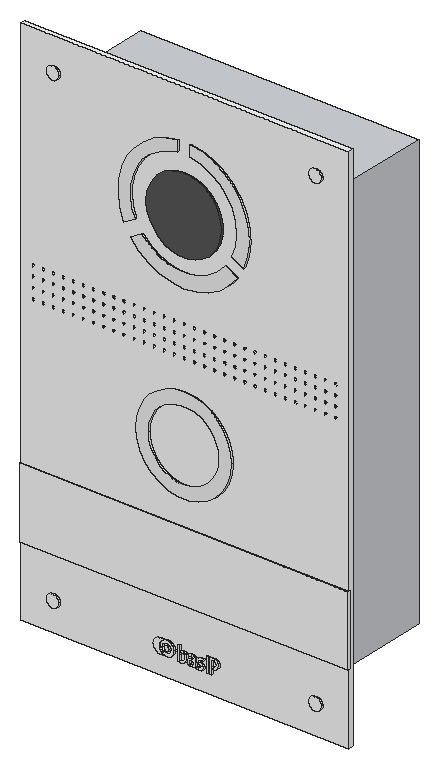
Revit family "BAS-IP_Вызывная панель_AV-08FBL", category Устройства связи, Revit 2019
Family settings
  Сохранять ориентацию аннотаций = Нет
  Размер круглого соединителя = Использовать диаметр
  Тип детали = Нормальный
  На основе рабочей плоскости = Нет
  Всегда вертикально = Да
  При загрузке вырезать с полостями = Нет
  Общий = Нет
  Точка расчета площади = Нет
Parameters (values of type "Серебристый")
  Цветовое решение = "Серебристый"
  Цвет считывателя = Gray silver
  Угол обзора камеры = "120° (по горизонтали)"
  УГО_Смещение_Y [instance] = 0 mm
  УГО_Смещение_X [instance] = 0 mm
  Тип установки = "Скрытого монтажа, накладной с BR-AV8FBL"
  Тип панели = "Индивидуальная"
  Кнопка вызова = "Пьезоэлектрическая"
  Температурный режим = "-40 – +65 °С"
  Разрешение = "2 Мп"
  Размер самой панели = "130 × 212 × 47 мм"
  Размер под установку = "114 х 196 х 59 мм"
  Потребление питания = "6,5 Вт, в режиме ожидания - 3,8 Вт"
  Питание = "IEEE 803.2af PoE, +12 В постоянного тока"
  Ночная подсветка = "6 светодиодов"
  Минимальная освещенность = "0,01 Люкс"
  Корпус = "Алюминий"
  Класс степени защиты = "IP65"
  Камера = "1/3”"
  Изготовитель = "BAS-IP"  # constant formula
  Зона обслуживания [instance] = no
  Дисплей = "Нет"
  Выходное видео = "Full HD (1920 × 1080), H.264 Main Profile"
  IK-код = "IK07"
  ADSK_Размер_Смещение от уровня [instance] = 1000 mm
  ADSK_Примечание [instance] = ""
  ADSK_Позиция [instance] = ""
  ADSK_Наименование = "Индивидуальная вызывная панель с функцией распознавания лиц"
  ADSK_Материал = Silver
  ADSK_Марка = "AV-08FBL Silver"
  ADSK_Количество = 1  # constant formula
  ADSK_Код изделия = ""
  ADSK_Завод-изготовитель = "BAS-IP"  # constant formula
  ADSK_Единица измерения = "шт."  # constant formula
Types (2, lengths in mm): name | Цветовое решение | Цвет считывателя | ADSK_Материал | ADSK_Марка
  Серебристый | "Серебристый" | Gray silver | Silver | "AV-08FBL Silver"
  Черный | "Черный" | Black | Black silver | "AV-08FBL Black"
Reference planes
  plane 1 "По центру (Вперед/Назад)": y = 0
  plane 2: z = 0
  plane 3 "По центру (Влево/Вправо)": x = 0
  plane 4: through (0, -1524, 1166.73) normal (0.5, 0, -0.866)
  plane 5: through (0, -1524, 1166.73) normal (0.5, 0, 0.866)
  plane 6: through (0, -1524, 166.73) normal (0.5, 0, -0.866)
  plane 7: through (0, -1524, 166.73) normal (0.5, 0, 0.866)
  plane 8: z = 1000
  plane 9: z = 0
  plane 10: y = 0
  plane 11: x = 0
Forms (mm)
  Extrusion 1, solid, material "Silver" <- "ADSK_Материал", detail levels medium+fine
    sketch origin (0, 0, 1000) x (1, 0, 0) y (0, 0, 1)
      loop
        line (-65, 0) -> (65, 0) -> (65, 212) -> (-65, 212) -> (-65, 0)
    from 0 to 2
  Extrusion 2, solid, detail levels medium+fine
    sketch origin (0, 0, 1000) x (1, 0, 0) y (0, 0, 1)
      loop
        line (-55, 192) -> (-55, 20) -> (55, 20) -> (55, 192) -> (-55, 192)
    from -45 to 0
  Extrusion 3, void
    sketch origin (0, 0, 1017.187) x (1, 0, 0) y (0, 0, 1)
      loop
        circle (0, 110.476) r 0.5
      loop
        circle (-4, 110.476) r 0.5
      loop
        circle (-8, 110.476) r 0.5
      loop
        circle (4, 110.476) r 0.5
      loop
        circle (8, 110.476) r 0.5
      loop
        circle (12, 110.476) r 0.5
      loop
        circle (0, 106.476) r 0.5
      loop
        circle (-4, 106.476) r 0.5
      loop
        circle (-8, 106.476) r 0.5
      loop
        circle (4, 106.476) r 0.5
      loop
        circle (8, 106.476) r 0.5
      loop
        circle (12, 106.476) r 0.5
      loop
        circle (0, 102.476) r 0.5
      loop
        circle (-4, 102.476) r 0.5
      loop
        circle (-8, 102.476) r 0.5
      loop
        circle (4, 102.476) r 0.5
      loop
        circle (8, 102.476) r 0.5
      loop
        circle (12, 102.476) r 0.5
      loop
        circle (-12, 110.476) r 0.5
      loop
        circle (-12, 106.476) r 0.5
      loop
        circle (-12, 102.476) r 0.5
      loop
        circle (0, 98.476) r 0.5
      loop
        circle (-4, 98.476) r 0.5
      loop
        circle (-8, 98.476) r 0.5
      loop
        circle (4, 98.476) r 0.5
      loop
        circle (8, 98.476) r 0.5
      loop
        circle (12, 98.476) r 0.5
      loop
        circle (-12, 98.476) r 0.5
    from 0 to 2
  Extrusion 4, void
    sketch origin (-23.971, 0, 1017.187) x (1, 0, 0) y (0, 0, 1)
      loop
        circle (-4, 110.476) r 0.5
      loop
        circle (-8, 110.476) r 0.5
      loop
        circle (-12, 110.476) r 0.5
      loop
        circle (0, 110.476) r 0.5
      loop
        circle (4, 110.476) r 0.5
      loop
        circle (8, 110.476) r 0.5
      loop
        circle (-4, 106.476) r 0.5
      loop
        circle (-8, 106.476) r 0.5
      loop
        circle (-12, 106.476) r 0.5
      loop
        circle (0, 106.476) r 0.5
      loop
        circle (4, 106.476) r 0.5
      loop
        circle (8, 106.476) r 0.5
      loop
        circle (-4, 102.476) r 0.5
      loop
        circle (-8, 102.476) r 0.5
      loop
        circle (-12, 102.476) r 0.5
      loop
        circle (0, 102.476) r 0.5
      loop
        circle (4, 102.476) r 0.5
      loop
        circle (8, 102.476) r 0.5
      loop
        circle (-16, 110.476) r 0.5
      loop
        circle (-16, 106.476) r 0.5
      loop
        circle (-16, 102.476) r 0.5
      loop
        circle (-20, 110.476) r 0.5
      loop
        circle (-20, 106.476) r 0.5
      loop
        circle (-20, 102.476) r 0.5
      loop
        circle (-24, 110.476) r 0.5
      loop
        circle (-24, 106.476) r 0.5
      loop
        circle (-24, 102.476) r 0.5
      loop
        circle (-28, 110.476) r 0.5
      loop
        circle (-28, 106.476) r 0.5
      loop
        circle (-28, 102.476) r 0.5
      loop
        circle (51.941, 110.476) r 0.5
      loop
        circle (55.941, 110.476) r 0.5
      loop
        circle (59.941, 110.476) r 0.5
      loop
        circle (47.941, 110.476) r 0.5
      loop
        circle (43.941, 110.476) r 0.5
      loop
        circle (39.941, 110.476) r 0.5
      loop
        circle (51.941, 106.476) r 0.5
      loop
        circle (55.941, 106.476) r 0.5
      loop
        circle (59.941, 106.476) r 0.5
      loop
        circle (47.941, 106.476) r 0.5
      loop
        circle (43.941, 106.476) r 0.5
      loop
        circle (39.941, 106.476) r 0.5
      loop
        circle (51.941, 102.476) r 0.5
      loop
        circle (55.941, 102.476) r 0.5
      loop
        circle (59.941, 102.476) r 0.5
      loop
        circle (47.941, 102.476) r 0.5
      loop
        circle (43.941, 102.476) r 0.5
      loop
        circle (39.941, 102.476) r 0.5
      loop
        circle (63.941, 110.476) r 0.5
      loop
        circle (63.941, 106.476) r 0.5
      loop
        circle (63.941, 102.476) r 0.5
      loop
        circle (67.941, 110.476) r 0.5
      loop
        circle (67.941, 106.476) r 0.5
      loop
        circle (67.941, 102.476) r 0.5
      loop
        circle (71.941, 110.476) r 0.5
      loop
        circle (71.941, 106.476) r 0.5
      loop
        circle (71.941, 102.476) r 0.5
      loop
        circle (75.941, 110.476) r 0.5
      loop
        circle (75.941, 106.476) r 0.5
      loop
        circle (75.941, 102.476) r 0.5
      loop
        circle (-4, 98.476) r 0.5
      loop
        circle (-8, 98.476) r 0.5
      loop
        circle (-12, 98.476) r 0.5
      loop
        circle (0, 98.476) r 0.5
      loop
        circle (4, 98.476) r 0.5
      loop
        circle (8, 98.476) r 0.5
      loop
        circle (-16, 98.476) r 0.5
      loop
        circle (-20, 98.476) r 0.5
      loop
        circle (-24, 98.476) r 0.5
      loop
        circle (-28, 98.476) r 0.5
      loop
        circle (51.941, 98.476) r 0.5
      loop
        circle (55.941, 98.476) r 0.5
      loop
        circle (59.941, 98.476) r 0.5
      loop
        circle (47.941, 98.476) r 0.5
      loop
        circle (43.941, 98.476) r 0.5
      loop
        circle (39.941, 98.476) r 0.5
      loop
        circle (63.941, 98.476) r 0.5
      loop
        circle (67.941, 98.476) r 0.5
      loop
        circle (71.941, 98.476) r 0.5
      loop
        circle (75.941, 98.476) r 0.5
      loop
        circle (-32, 110.476) r 0.5
      loop
        circle (-32, 106.476) r 0.5
      loop
        circle (-32, 102.476) r 0.5
      loop
        circle (-32, 98.476) r 0.5
      loop
        circle (-36, 110.476) r 0.5
      loop
        circle (-36, 106.476) r 0.5
      loop
        circle (-36, 102.476) r 0.5
      loop
        circle (-36, 98.476) r 0.5
      loop
        circle (79.941, 110.476) r 0.5
      loop
        circle (79.941, 106.476) r 0.5
      loop
        circle (79.941, 102.476) r 0.5
      loop
        circle (79.941, 98.476) r 0.5
      loop
        circle (83.941, 110.476) r 0.5
      loop
        circle (83.941, 106.476) r 0.5
      loop
        circle (83.941, 102.476) r 0.5
      loop
        circle (83.941, 98.476) r 0.5
    from 1 to 2
  Extrusion 5, solid, material "White", detail levels fine
    sketch origin (0, 0.5, 1040) x (1, 0, 0) y (0, 0, 1)
      loop
        circle (0, 45.001) r 19
      loop
        circle (-0.065, 44.951) r 14
    from 2 to 3
  Extrusion 6, solid, material "Gray silver", detail levels fine
    sketch origin (0, 0, 1000) x (1, 0, 0) y (0, 0, 1)
      loop
        circle (-52, 199) r 2.5
      loop
        circle (52, 199) r 2.5
      loop
        circle (-52, 11.524) r 2.5
      loop
        circle (52, 11.524) r 2.5
    from 0 to 2.5
  Extrusion 7, solid, material "Black", detail levels fine
    sketch origin (0, 0.5, 1031.729) x (1, 0, 0) y (0, 0, 1)
      loop
        circle (0, 135.001) r 15
    from 2 to 3
  Extrusion 8, solid, material "White", detail levels fine
    sketch origin (0, 0.5, 1031.729) x (1, 0, 0) y (0, 0, 1)
      loop
        arc (-2.5, 160.881) -> (-22.507, 148.018) -> (-23.679, 124.263) r 26
        line (-23.679, 124.263) -> (-19.206, 126.845)
        arc (-19.206, 126.845) -> (-18.411, 145.918) -> (-2.5, 156.467) r 21
        line (-2.5, 156.467) -> (-2.5, 160.881)
      loop
        line (21.162, 119.896) -> (16.405, 122.643)
        arc (16.405, 122.643) -> (-0.059, 114.602) -> (-16.569, 122.548) r 21
        line (-16.569, 122.548) -> (-21.162, 119.896)
        arc (-21.162, 119.896) -> (0, 109.001) -> (21.162, 119.896) r 26
      loop
        line (2.5, 160.881) -> (2.5, 156.438)
        arc (2.5, 156.438) -> (18.202, 145.866) -> (19.018, 126.954) r 21
        line (19.018, 126.954) -> (23.679, 124.263)
        arc (23.679, 124.263) -> (22.507, 148.018) -> (2.5, 160.881) r 26
    from 2 to 3
  Extrusion 9, solid, material "Gray silver" <- "Цвет считывателя", detail levels fine
    sketch origin (0, 0.5, 1000) x (1, 0, 0) y (0, 0, 1)
      loop
        line (-65, 55.859) -> (-65, 28.068) -> (65, 28.068) -> (65, 55.859) -> (-65, 55.859)
    from 2 to 3
  Extrusion 10, solid, material "Silver" <- "ADSK_Материал", not visible, detail levels medium+fine
    sketch origin (0, 0, 0) x (1, 0, 0) y (0, 0, 1)
      loop
        line (-65, 0) -> (65, 0) -> (65, 212) -> (-65, 212) -> (-65, 0)
    from 0 to 2
  Extrusion 11, solid, not visible, detail levels medium+fine
    sketch origin (0, 0, 0) x (1, 0, 0) y (0, 0, 1)
      loop
        line (-55, 192) -> (-55, 20) -> (55, 20) -> (55, 192) -> (-55, 192)
    from -45 to 0
  Extrusion 12, void, not visible
    sketch origin (0, 0, 17.188) x (1, 0, 0) y (0, 0, 1)
      loop
        circle (0, 110.476) r 0.5
      loop
        circle (-4, 110.476) r 0.5
      loop
        circle (-8, 110.476) r 0.5
      loop
        circle (4, 110.476) r 0.5
      loop
        circle (8, 110.476) r 0.5
      loop
        circle (12, 110.476) r 0.5
      loop
        circle (0, 106.476) r 0.5
      loop
        circle (-4, 106.476) r 0.5
      loop
        circle (-8, 106.476) r 0.5
      loop
        circle (4, 106.476) r 0.5
      loop
        circle (8, 106.476) r 0.5
      loop
        circle (12, 106.476) r 0.5
      loop
        circle (0, 102.476) r 0.5
      loop
        circle (-4, 102.476) r 0.5
      loop
        circle (-8, 102.476) r 0.5
      loop
        circle (4, 102.476) r 0.5
      loop
        circle (8, 102.476) r 0.5
      loop
        circle (12, 102.476) r 0.5
      loop
        circle (-12, 110.476) r 0.5
      loop
        circle (-12, 106.476) r 0.5
      loop
        circle (-12, 102.476) r 0.5
      loop
        circle (0, 98.476) r 0.5
      loop
        circle (-4, 98.476) r 0.5
      loop
        circle (-8, 98.476) r 0.5
      loop
        circle (4, 98.476) r 0.5
      loop
        circle (8, 98.476) r 0.5
      loop
        circle (12, 98.476) r 0.5
      loop
        circle (-12, 98.476) r 0.5
    from 0 to 2
  Extrusion 13, void, not visible
    sketch origin (-23.971, 0, 17.188) x (1, 0, 0) y (0, 0, 1)
      loop
        circle (-4, 110.476) r 0.5
      loop
        circle (-8, 110.476) r 0.5
      loop
        circle (-12, 110.476) r 0.5
      loop
        circle (0, 110.476) r 0.5
      loop
        circle (4, 110.476) r 0.5
      loop
        circle (8, 110.476) r 0.5
      loop
        circle (-4, 106.476) r 0.5
      loop
        circle (-8, 106.476) r 0.5
      loop
        circle (-12, 106.476) r 0.5
      loop
        circle (0, 106.476) r 0.5
      loop
        circle (4, 106.476) r 0.5
      loop
        circle (8, 106.476) r 0.5
      loop
        circle (-4, 102.476) r 0.5
      loop
        circle (-8, 102.476) r 0.5
      loop
        circle (-12, 102.476) r 0.5
      loop
        circle (0, 102.476) r 0.5
      loop
        circle (4, 102.476) r 0.5
      loop
        circle (8, 102.476) r 0.5
      loop
        circle (-16, 110.476) r 0.5
      loop
        circle (-16, 106.476) r 0.5
      loop
        circle (-16, 102.476) r 0.5
      loop
        circle (-20, 110.476) r 0.5
      loop
        circle (-20, 106.476) r 0.5
      loop
        circle (-20, 102.476) r 0.5
      loop
        circle (-24, 110.476) r 0.5
      loop
        circle (-24, 106.476) r 0.5
      loop
        circle (-24, 102.476) r 0.5
      loop
        circle (-28, 110.476) r 0.5
      loop
        circle (-28, 106.476) r 0.5
      loop
        circle (-28, 102.476) r 0.5
      loop
        circle (51.941, 110.476) r 0.5
      loop
        circle (55.941, 110.476) r 0.5
      loop
        circle (59.941, 110.476) r 0.5
      loop
        circle (47.941, 110.476) r 0.5
      loop
        circle (43.941, 110.476) r 0.5
      loop
        circle (39.941, 110.476) r 0.5
      loop
        circle (51.941, 106.476) r 0.5
      loop
        circle (55.941, 106.476) r 0.5
      loop
        circle (59.941, 106.476) r 0.5
      loop
        circle (47.941, 106.476) r 0.5
      loop
        circle (43.941, 106.476) r 0.5
      loop
        circle (39.941, 106.476) r 0.5
      loop
        circle (51.941, 102.476) r 0.5
      loop
        circle (55.941, 102.476) r 0.5
      loop
        circle (59.941, 102.476) r 0.5
      loop
        circle (47.941, 102.476) r 0.5
      loop
        circle (43.941, 102.476) r 0.5
      loop
        circle (39.941, 102.476) r 0.5
      loop
        circle (63.941, 110.476) r 0.5
      loop
        circle (63.941, 106.476) r 0.5
      loop
        circle (63.941, 102.476) r 0.5
      loop
        circle (67.941, 110.476) r 0.5
      loop
        circle (67.941, 106.476) r 0.5
      loop
        circle (67.941, 102.476) r 0.5
      loop
        circle (71.941, 110.476) r 0.5
      loop
        circle (71.941, 106.476) r 0.5
      loop
        circle (71.941, 102.476) r 0.5
      loop
        circle (75.941, 110.476) r 0.5
      loop
        circle (75.941, 106.476) r 0.5
      loop
        circle (75.941, 102.476) r 0.5
      loop
        circle (-4, 98.476) r 0.5
      loop
        circle (-8, 98.476) r 0.5
      loop
        circle (-12, 98.476) r 0.5
      loop
        circle (0, 98.476) r 0.5
      loop
        circle (4, 98.476) r 0.5
      loop
        circle (8, 98.476) r 0.5
      loop
        circle (-16, 98.476) r 0.5
      loop
        circle (-20, 98.476) r 0.5
      loop
        circle (-24, 98.476) r 0.5
      loop
        circle (-28, 98.476) r 0.5
      loop
        circle (51.941, 98.476) r 0.5
      loop
        circle (55.941, 98.476) r 0.5
      loop
        circle (59.941, 98.476) r 0.5
      loop
        circle (47.941, 98.476) r 0.5
      loop
        circle (43.941, 98.476) r 0.5
      loop
        circle (39.941, 98.476) r 0.5
      loop
        circle (63.941, 98.476) r 0.5
      loop
        circle (67.941, 98.476) r 0.5
      loop
        circle (71.941, 98.476) r 0.5
      loop
        circle (75.941, 98.476) r 0.5
      loop
        circle (-32, 110.476) r 0.5
      loop
        circle (-32, 106.476) r 0.5
      loop
        circle (-32, 102.476) r 0.5
      loop
        circle (-32, 98.476) r 0.5
      loop
        circle (-36, 110.476) r 0.5
      loop
        circle (-36, 106.476) r 0.5
      loop
        circle (-36, 102.476) r 0.5
      loop
        circle (-36, 98.476) r 0.5
      loop
        circle (79.941, 110.476) r 0.5
      loop
        circle (79.941, 106.476) r 0.5
      loop
        circle (79.941, 102.476) r 0.5
      loop
        circle (79.941, 98.476) r 0.5
      loop
        circle (83.941, 110.476) r 0.5
      loop
        circle (83.941, 106.476) r 0.5
      loop
        circle (83.941, 102.476) r 0.5
      loop
        circle (83.941, 98.476) r 0.5
    from 1 to 2
  Extrusion 14, solid, material "White", not visible, detail levels fine
    sketch origin (0, 0.5, 40) x (1, 0, 0) y (0, 0, 1)
      loop
        circle (0, 45.001) r 19
      loop
        circle (-0.065, 44.951) r 14
    from 2 to 3
  Extrusion 15, solid, material "Gray silver", not visible, detail levels fine
    sketch origin (0, 0, 0) x (1, 0, 0) y (0, 0, 1)
      loop
        circle (-52, 199) r 2.5
      loop
        circle (52, 199) r 2.5
      loop
        circle (-52, 11.524) r 2.5
      loop
        circle (52, 11.524) r 2.5
    from 0 to 2.5
  Extrusion 16, solid, material "Black", not visible, detail levels fine
    sketch origin (0, 0.5, 31.729) x (1, 0, 0) y (0, 0, 1)
      loop
        circle (0, 135.001) r 15
    from 2 to 3
  Extrusion 17, solid, material "White", not visible, detail levels fine
    sketch origin (0, 0.5, 31.729) x (1, 0, 0) y (0, 0, 1)
      loop
        arc (-2.5, 160.881) -> (-22.507, 148.018) -> (-23.679, 124.263) r 26
        line (-23.679, 124.263) -> (-19.206, 126.845)
        arc (-19.206, 126.845) -> (-18.411, 145.918) -> (-2.5, 156.467) r 21
        line (-2.5, 156.467) -> (-2.5, 160.881)
      loop
        line (21.162, 119.896) -> (16.405, 122.643)
        arc (16.405, 122.643) -> (-0.059, 114.602) -> (-16.569, 122.548) r 21
        line (-16.569, 122.548) -> (-21.162, 119.896)
        arc (-21.162, 119.896) -> (0, 109.001) -> (21.162, 119.896) r 26
      loop
        line (2.5, 160.881) -> (2.5, 156.438)
        arc (2.5, 156.438) -> (18.202, 145.866) -> (19.018, 126.954) r 21
        line (19.018, 126.954) -> (23.679, 124.263)
        arc (23.679, 124.263) -> (22.507, 148.018) -> (2.5, 160.881) r 26
    from 2 to 3
  Extrusion 18, solid, material "Gray silver" <- "Цвет считывателя", not visible, detail levels fine
    sketch origin (0, 0.5, 0) x (1, 0, 0) y (0, 0, 1)
      loop
        line (-65, 55.859) -> (-65, 28.068) -> (65, 28.068) -> (65, 55.859) -> (-65, 55.859)
    from 2 to 3
Cuts and joins
  Extrusion 3, Extrusion 4 cuts Extrusion 1
  Extrusion 3 cuts Extrusion 2
Dimensions and locks
  "ADSK_Размер_Смещение от уровня": plane 8 to plane 2
  "УГО_Смещение_X": plane 3 "По центру (Влево/Вправо)" to plane 11
  "УГО_Смещение_Y": plane 10 to plane 1 "По центру (Вперед/Назад)"
  aligned and locked: level to plane 2
  aligned and locked: plane 1 "По центру (Вперед/Назад)" to nested 2
  aligned and locked: cut or joined group of Extrusion 1, Extrusion 3, Extrusion 4 to plane 8
  aligned and locked: nested 5 to plane 10
  aligned and locked: plane 11 to nested 5
Nested families
  nested 1: "BAS-IP_Logo_S" at (1.25, -1.5, 1007.412), Материал <- "ADSK_Материал", type "BAS-IP_Logo_S", detail levels fine
    with Материал Silver
  nested 2: "Зона обслуживания" at (0, 0, 950), visible <- "Зона обслуживания", type "Зона обслуживания", detail levels fine
    with ADSK_Размер_Ширина 230 mm, ADSK_Размер_Высота 312 mm
  nested 3: "BAS-IP_Logo_S" at (1.25, -1.5, 7.412), Материал <- "ADSK_Материал", type "BAS-IP_Logo_S", not visible, detail levels fine
    with Материал Silver
  nested 4: "Зона обслуживания" at (0, 0, -50), visible <- "Зона обслуживания", type "Зона обслуживания", not visible, detail levels fine
    with ADSK_Размер_Ширина 230 mm, ADSK_Размер_Высота 312 mm
  nested 5: "УГО_Вызывная панель" at (0, 0, 0), type "УГО_Вызывная панель", detail levels coarse+medium
Connectors
  electrical at (0, 22.5, 1020)
    settings: on cut or joined group of Extrusion 2, Extrusion 3, index 1, voltage 0 V, apparent load 0 VA, apparent load phase1 0 VA, apparent load phase2 0 VA, apparent load phase3 0 VA, power factor 1, load classification "Прочее", number of poles 1, system type 12, power factor state 1, is connector primary yes, connector utility no, sub classification motor no, connector description ""
Definition of nested family "BAS-IP_Logo_S"
  Parameters (values of type "BAS-IP_Logo_S")
    Материал [instance] = none
  Reference planes
    plane 1 "По центру (Вперед/Назад)": y = 0
    plane 2: z = 0
    plane 3 "По центру (Влево/Вправо)": x = 0
  Forms (mm)
    Extrusion 1, solid, material <- "Материал"
      sketch origin (-6.577, 0, -7.331) x (1, 0, 0) y (0, 0, 1)
        loop
          circle (-1.452, 10.426) r 2.917
        loop
          circle (-1.452, 10.426) r 1.823
        loop
          circle (-1.452, 10.426) r 0.907
        loop
          line (2.897, 13.369) -> (2.897, 7.626)
          arc (2.897, 7.626) -> (4.378, 7.331) -> (5.829, 7.75) r 3.194
          arc (5.829, 7.75) -> (6.556, 9.353) -> (6.13, 11.061) r 2.674
          arc (6.13, 11.061) -> (4.872, 11.67) -> (3.741, 10.847) r 1.36
          line (3.741, 10.847) -> (3.741, 13.369) -> (2.897, 13.369)
        loop
          line (9.211, 9.975) -> (7.991, 9.975)
          arc (7.991, 9.975) -> (6.849, 8.828) -> (7.615, 7.403) r 1.358
          line (7.615, 7.403) -> (9.943, 7.403)
          spline (9.943, 7.403) -> (10.042, 8.877) -> (10.055, 9.915) -> (9.997, 10.601) -> (9.886, 11.019) -> (9.737, 11.256) -> (9.568, 11.394) -> (9.385, 11.5) -> (9.169, 11.588) -> (8.896, 11.659) -> (8.521, 11.71) -> (7.969, 11.725) -> (7.158, 11.687)
          line (7.158, 11.687) -> (7.158, 10.887) -> (8.571, 10.887)
          arc (8.571, 10.887) -> (9.157, 10.617) -> (9.211, 9.975) r 0.64
        loop
          line (9.25, 9.484) -> (8.048, 9.484)
          arc (8.048, 9.484) -> (7.606, 8.736) -> (8.048, 7.988) r 0.854
          line (8.048, 7.988) -> (9.25, 7.988) -> (9.25, 9.484)
        loop
          line (3.741, 10.21) -> (3.741, 7.988)
          spline (3.741, 7.988) -> (4.72, 8.077) -> (5.267, 8.31) -> (5.573, 8.641) -> (5.734, 9.045) -> (5.806, 9.508) -> (5.807, 9.99) -> (5.705, 10.408) -> (5.485, 10.703) -> (5.195, 10.895) -> (4.844, 10.985) -> (4.33, 10.884) -> (3.741, 10.21)
        loop
          spline (13.018, 11.649) -> (11.419, 11.695) -> (10.875, 11.521) -> (10.489, 11.179) -> (10.305, 10.688) -> (10.406, 10.198) -> (10.752, 9.835) -> (11.372, 9.476) -> (12.029, 9.086) -> (12.384, 8.702) -> (12.37, 8.376) -> (11.859, 8.127) -> (10.354, 8.165)
          line (10.354, 8.165) -> (10.284, 7.368)
          spline (10.284, 7.368) -> (11.866, 7.357) -> (12.634, 7.611) -> (13.056, 8.054) -> (13.185, 8.589) -> (13.044, 9.098) -> (12.719, 9.467) -> (12.225, 9.735) -> (11.625, 10.002) -> (11.161, 10.338) -> (11.097, 10.694) -> (11.676, 10.917) -> (12.949, 10.853)
          line (12.949, 10.853) -> (13.018, 11.649)
        loop
          line (14.214, 13.23) -> (14.214, 7.403) -> (15.003, 7.403) -> (15.003, 13.23) -> (14.214, 13.23)
        loop
          line (15.425, 13.23) -> (15.425, 7.403) -> (16.26, 7.403) -> (16.26, 9.541) -> (17.223, 9.541)
          arc (17.223, 9.541) -> (19.068, 11.385) -> (17.223, 13.23) r 1.844
          line (17.223, 13.23) -> (15.425, 13.23)
        loop
          line (16.26, 10.169) -> (17.186, 10.169)
          arc (17.186, 10.169) -> (18.222, 11.249) -> (17.419, 12.511) r 1.211
          line (17.419, 12.511) -> (16.26, 12.511) -> (16.26, 10.169)
      from 0 to 1
    Extrusion 2, solid, material <- "Материал"
      sketch origin (-0.313, 0, -1.028) x (1, 0, 0) y (0, 0, 1)
        loop
          arc (-8.967, 6.758) -> (-13.134, 4.123) -> (-8.967, 1.487) r 2.917
          arc (-8.967, 1.487) -> (-10.634, 4.123) -> (-8.967, 6.758) r 2.917
      from 0 to 1
  Dimensions and locks
    aligned and locked: level to plane 2
Definition of nested family "Зона обслуживания"
  Parameters (values of type "Семейство1")
    Зона обслуживания = none
    ADSK_Размер_Ширина = 200 mm
    ADSK_Размер_Глубина = 120 mm
    ADSK_Размер_Высота = 250 mm
  Reference planes
    plane 1 "По центру (Вперед/Назад)": y = 0
    plane 2: z = 0
    plane 3 "По центру (Влево/Вправо)": x = 0
  Forms (mm)
    Extrusion 1, solid, material <- "Зона обслуживания"
      sketch origin (0, 0, 0) x (1, 0, 0) y (0, 1, 0)
        loop
          line (-100, 0) -> (-100, -120) -> (100, -120) -> (100, 0) -> (-100, 0)
      from 0 to 250 <- "ADSK_Размер_Высота"
  Dimensions and locks
    "ADSK_Размер_Глубина": Extrusion 1 sketch curve to plane 1 "По центру (Вперед/Назад)"
    equal spacing: Extrusion 1 sketch curve, plane 3 "По центру (Влево/Вправо)", Extrusion 1 sketch curve
    "ADSK_Размер_Ширина": Extrusion 1 sketch curve to Extrusion 1 sketch curve
    aligned and locked: level to plane 2
  Automatic sketch dimensions
    plane 1 "По центру (Вперед/Назад)" to Extrusion 1 sketch curve = 0 mm
Definition of nested family "УГО_Вызывная панель"
  Reference planes
    plane 1: y = 0
    plane 2: x = 0
  Lines and regions (mm)
    detail lines
      curve 1: line (-2, 0, 0) -> (2, 0, 0)
      curve 2: line (-2.5, -6.5, 0) -> (-2.5, -0.5, 0)
      curve 3: line (2, -7, 0) -> (-2, -7, 0)
      curve 4: line (2.5, -0.5, 0) -> (2.5, -6.5, 0)
      curve 5: arc (2, 0, 0) -> (2.354, -0.146, 0) -> (2.5, -0.5, 0) r 0.5
      curve 6: arc (-2.5, -0.5, 0) -> (-2.354, -0.146, 0) -> (-2, 0, 0) r 0.5
      curve 7: arc (-2, -7, 0) -> (-2.354, -6.854, 0) -> (-2.5, -6.5, 0) r 0.5
      curve 8: arc (2.5, -6.5, 0) -> (2.354, -6.854, 0) -> (2, -7, 0) r 0.5
      curve 9: line (-1.5, -3.39, 0) -> (1.5, -3.39, 0)
      curve 10: line (-1.5, -5.79, 0) -> (-1.5, -3.39, 0)
      curve 11: line (1.5, -5.19, 0) -> (-1.5, -5.19, 0)
      curve 12: line (1.5, -3.39, 0) -> (1.5, -5.79, 0)
      curve 13: circle (0, -1.5, 0) r 0.6 normal (0, 0, 1)
      curve 14: line (-1.5, -3.99, 0) -> (1.5, -3.99, 0)
      curve 15: line (-1.5, -4.59, 0) -> (1.5, -4.59, 0)
      curve 16: line (-0.5, -5.79, 0) -> (-0.5, -3.39, 0)
      curve 17: line (0.5, -5.79, 0) -> (0.5, -3.39, 0)
      curve 18: line (1.5, -5.79, 0) -> (-1.5, -5.79, 0)
